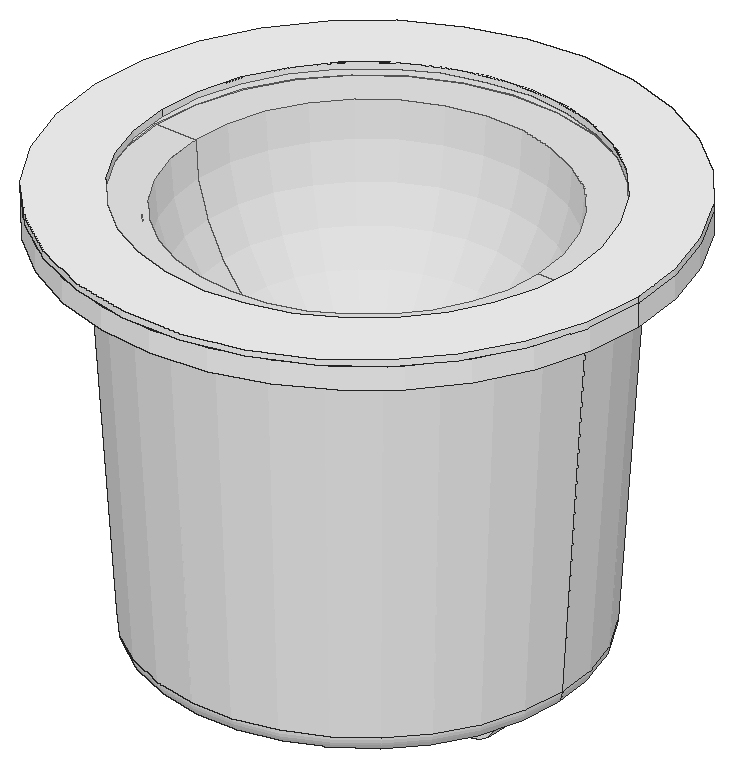
Revit family "2059244", category Lighting Fixtures, host Face, Revit 2018
Family settings
  Host = Face
  Round Connector Dimension = Use Diameter
  Part Type = Normal
  OmniClass Number = 23.80.70.11.17
  OmniClass Title = Specialized Lighting by Location or Use
  Cut with Voids When Loaded = No
  Light Source = Yes
  Shared = No
  Room Calculation Point = No
Parameters (values of type "2059244 MYRIAD DECO IP65 SP 3K DALI EM SI WBEZ")
  Weight = "n/a"
  Wattage = 15 W
  WarrantyStartDate [instance] = "n/a"
  WarrantyGuarantorParts = "n/a"
  WarrantyDurationUnit = "n/a"
  WarrantyDurationParts = ""
  WarrantyDescription = "http://www.sylvania-lighting.com"
  built-in parameter 1150110 = 1 (stored number, unit not read)
  Voltage = 230 V
  URL = "0"
  TypeName = "MYRIAD DECO IP65 SPOT 3000K DALI EM SILVER WBEZ"
  Type Image = 0
  Type Comments = ""
  built-in parameter 1114217 = 1 (stored number, unit not read)
  Tilt Angle = -90°
  built-in parameter 1150109 = 1 (stored number, unit not read)
  built-in parameter 1150134 = (empty or 0)
  built-in parameter 1150113 = 1 (stored number, unit not read)
  SerialNumber [instance] = "n/a"
  Reflector Radius = Cutout Diameter / 2 - 2.5 mm  # 35.0 mm
  Reflector Material = Aluminum_Sylvania_Myriad_Bright
  Recessed Depth = Height  # 72.0 mm
  PowerFactor = 0
  PowerConsumption = "Lighting"
  Photometric Web File = "2059244.ies"
  NominalWidth = 0.0 mm
  NominalLength = 76.0 mm
  NominalHeight = 72.0 mm
  Name = "MYRIAD DECO IP65 SPOT 3000K DALI EM SILVER WBEZ"
  ModelReference = "MYRIAD DECO IP65 SPOT 3000K DALI EM SILVER WBEZ"
  ModelNumber = "2059244"
  Material = "Feilo Sylvania"
  ManufacturerName = "92 lm/W"
  LuminousEfficacy = ""
  LuminaireType = "0"
  LightOutputRatio = "LED"
  LampsType = Lamp  # "n/a"
  LampNominalLuminous = "3000 K"
  LampMacAdamStep = "90"
  LampColourTemperature = "LED"
  LampColourRenderingIndex = "16500"
  Keynote = "n/a"
  Keynote_2 = "16500"
  InstallationDate [instance] = "n/a"
  InputVoltage = "0"
  InputNominalFrequency = "3000"
  IngressProtection = "IfcLightFixtureType"
  ImpactProtectionIndex = "IfcLightFixtureType"
  IfcExportType = "IfcLightFixtureType"
  IfcExportAs = "Class II"
  Height = 72.0 mm  # constant formula
  ExpectedLife = 50000
  Emit from Circle Diameter = Accessory Inner Diameter 2  # 68.0 mm
  Emit Shape Visible in Rendering = no
  ElectricShockClassification = "92"
  DurationUnit = "hours"
  DocumentationLiterature = "http://www.sylvania-lighting.com/product/en-int/products/2059244"
  DimmingControlOptions = "n/a"
  Diffuser Material = Glass_Sylvania_Myriad_Clear_4000K
  Diffuser Diameter = Cutout Diameter  # 75.0 mm
  Cutout Diameter = 75.0 mm  # constant formula
  CreatedOn = "03/02/2022"
  CreatedBy = "@sylvania-lighting.com"
  Cost = 0
  built-in parameter 1114216 [instance] = 1 (stored number, unit not read)
  Model = "MYRIAD DECO IP65 SPOT 3000K DALI EM SILVER WBEZ"
  Manufacturer = "Feilo Sylvania"  # constant formula
  built-in parameter 1150105 = 83.556 (stored number, unit not read)
  Lumens = 1050 lm
  built-in parameter 1150115 = 1 (stored number, unit not read)
  built-in parameter 1150137 = (empty or 0)
  built-in parameter 1150139 = (empty or 0)
  built-in parameter 1150112 = 1 (stored number, unit not read)
  built-in parameter 1150114 = 1 (stored number, unit not read)
  Lamp = "n/a"
  built-in parameter 1150132 = (empty or 0)
  built-in parameter 1150102 = (empty or 0)
  built-in parameter 1150107 = 2700 (stored number, unit not read)
  built-in parameter 1150138 = (empty or 0)
  built-in parameter 1150106 = 0.83556 (stored number, unit not read)
  built-in parameter 1150104 = 6.5032 (stored number, unit not read)
  Dimming Lamp Color Temperature Shift = <None>
  Description = "Supplied complete with electronic control gear Compact Fluorescent low energy downlight Emergency version passes through the cut out Ideal for low level orientation lighting New range of Architectural accessories each providing a different lit dimension New completely flush plaster up accessory ring for clean ceiling lines and smooth finish Order lamp separately"  # constant formula
  Default Elevation = 0.0 mm
  Color Filter = 16777215
  built-in parameter 1140040 [instance] = 1
  Body Radius = Reflector Radius + 1.5 mm  # 36.5 mm
  Body Material = Aluminum_Sylvania_Myriad_Gray
  BarCode [instance] = "n/a"
  built-in parameter 1114218 = 1 (stored number, unit not read)
  built-in parameter 1150133 = 10 (stored number, unit not read)
  AssetType = "Fixed"
  AssetIdentifier [instance] = "n/a"
  Assembly Code = "D5020200"
  Apparent Load = 12 VA
  Accessory Material = Aluminum_Sylvania_Myriad_White
  Accessory Inner Diameter 2 = Accessory Diameter - 22.0 mm  # 68.0 mm
  Accessory Inner Diameter 1 = Accessory Diameter - 2.0 mm  # 88.0 mm
  Accessory Diameter = Cutout Diameter + 15.0 mm  # 90.0 mm
Reference planes
  plane 1 "Center (Front/Back)": y = 0
  plane 2: z = 0
  plane 3 "Center (Left/Right)": x = 0
  plane 4: z = 2
  plane 5 "Fixture Bottom": z = 4.5
  plane 6: z = -28.5
  plane 7: z = -61.5
  plane 8 "Fixture Top": z = -67.5
  plane 9: z = 3.5
Forms (mm)
  Revolve 1, solid, material "Aluminum_Sylvania_Myriad_Bright" <- "Reflector Material", detail levels fine
    sketch origin (0, 0, 0) x (1, 0, 0) y (0, 0, 1)
      loop
        line (0, -27.515) -> (-6, -27.515)
        arc (-6, -27.515) -> (-22.333, -16.632) -> (-28.5, 2) r 30.135
        line (-28.5, 2) -> (-35, 2) -> (-35, 0) -> (-29.184, 0)
        arc (-29.184, 0) -> (-22.423, -18.18) -> (-6, -28.5) r 30.204
        line (-6, -28.5) -> (0, -28.5) -> (0, -27.515)
      axis (0, -28.5) -> (0, 2)
    angle from 0 to 360
  Revolve 2, solid, material "Aluminum_Sylvania_Myriad_Gray" <- "Body Material", detail levels fine
    sketch origin (0, 0, 0) x (1, 0, 0) y (0, 0, 1)
      loop
        line (-44, 2) -> (-44, 0) -> (-36.5, 0) -> (-32.42, -58.708)
        arc (-32.42, -58.708) -> (-31.474, -60.694) -> (-29.428, -61.5) r 3
        line (-29.428, -61.5) -> (0, -61.5) -> (0, -28.5) -> (-6, -28.5)
        arc (-6, -28.5) -> (-22.423, -18.18) -> (-29.184, 0) r 30.204
        line (-29.184, 0) -> (-35, 0) -> (-35, 2) -> (-44, 2)
      axis (0, 2) -> (0, -61.5)
    angle from 0 to 360
  Extrusion 3, solid, material "Aluminum_Sylvania_Myriad_Gray" <- "Body Material", detail levels fine
    sketch origin (0, 0, 0) x (1, 0, 0) y (0, 0, 1)
      loop
        line (-13.5, -67.5) -> (21, -67.5)
        arc (21, -67.5) -> (23.828, -66.328) -> (25, -63.5) r 4
        line (25, -63.5) -> (25, -61.5) -> (-17.5, -61.5) -> (-17.5, -63.5)
        arc (-17.5, -63.5) -> (-16.328, -66.328) -> (-13.5, -67.5) r 4
    from -4.5 to 4.5
  Extrusion 4, solid, material "Aluminum_Sylvania_Myriad_White" <- "Accessory Material", detail levels fine
    sketch origin (0, 0, 0) x (1, 0, 0) y (0, 1, 0)
      loop
        circle (0, 0) r 45
      loop
        circle (0, 0) r 44
    from 0 to 3.5
  Extrusion 5, solid, material "Aluminum_Sylvania_Myriad_White" <- "Accessory Material", detail levels fine
    sketch origin (0, 0, 0) x (1, 0, 0) y (0, 1, 0)
      loop
        circle (0, 0) r 45
      loop
        circle (0, 0) r 34
    from 3.5 to 4.5
  Extrusion 6, solid, material "Aluminum_Sylvania_Myriad_White" <- "Accessory Material", detail levels coarse+medium
    sketch origin (0, 0, 0) x (1, 0, 0) y (0, 1, 0)
      loop
        circle (0, 0) r 45
    from 0 to 4.5
  Revolve 7, solid, detail levels coarse+medium
    sketch origin (0, 0, 0) x (1, 0, 0) y (0, 0, 1)
      loop
        line (36.5, 0) -> (0, 0) -> (0, -61.5) -> (32.226, -61.5) -> (36.5, 0)
      axis (0, 0) -> (0, -61.5)
    angle from 0 to 360
  Extrusion 8, void
    sketch origin (0, 0, 0) x (1, 0, 0) y (0, 1, 0)
      loop
        circle (0, 0) r 37.5
    from -67.5 to 0
  Extrusion 9, solid, material "Glass_Sylvania_Myriad_Clear_4000K" <- "Diffuser Material", detail levels fine
    sketch origin (0, 0, 0) x (1, 0, 0) y (0, 1, 0)
      loop
        circle (0, 0) r 37.5
    from 2 to 3.5
Cuts and joins
  joined: Extrusion 4, Extrusion 5
Lines and regions (mm)
  Masking region 1
    outline origin (0, 0, 0) x (1, 0, 0) y (0, 1, 0)
      loop
        circle (0, 0) r 45
  symbolic lines
    curve 1: arc (-34, 0, 0) -> (0, 34, 0) -> (34, 0, 0) r 34
    curve 2: arc (34, 0, 0) -> (0, -34, 0) -> (-34, 0, 0) r 34
Dimensions and locks
  locked: plane 7 to plane 8 "Fixture Top" at 6
  "Body Radius": Revolve 7 sketch curve to plane 3 "Center (Left/Right)"
  locked: Revolve 7 sketch curve to Revolve 7 sketch curve at 4.274
  plane 5 "Fixture Bottom" to plane 9 to plane 4 to plane 2 to plane 6 = 1.0 mm locked, 1.5 mm locked, 2.0 mm locked, 28.5 mm locked
  "Reflector Radius": Revolve 1 sketch curve to plane 3 "Center (Left/Right)"
  Revolve 1 sketch curve to Revolve 1 sketch curve to Revolve 1 sketch curve to Revolve 1 sketch curve = 6.5 mm locked, 22.5 mm locked, 0.0 mm locked
  "Reflector Radius": plane 3 "Center (Left/Right)" to Revolve 2 sketch curve
  Revolve 2 sketch curve to Revolve 2 sketch curve to Revolve 2 sketch curve = 7.5 mm locked, 1.5 mm locked
  Revolve 2 sketch curve to Revolve 2 sketch curve to Revolve 2 sketch curve = 5.816 mm locked, 23.184 mm locked
  Revolve 2 sketch curve to Revolve 2 sketch curve to Revolve 2 sketch curve = 2.58 mm locked, 2.993 mm locked
  "Accessory Diameter": diameter of Extrusion 4 sketch curve
  "Accessory Inner Diameter 1": diameter of Extrusion 4 sketch curve
  "Accessory Diameter": diameter of Extrusion 5 sketch curve
  "Accessory Diameter": diameter of Extrusion 6 sketch curve
  "Cutout Diameter": diameter of Extrusion 8 sketch curve
  "Accessory Inner Diameter 2": diameter of Extrusion 5 sketch curve
  "Diffuser Diameter": diameter of Extrusion 9 sketch curve
  aligned and locked: plane 2 to host face
  aligned and locked: level to host face
  aligned and locked: plane 1 "Center (Front/Back)" to imposter light
  aligned and locked: plane 3 "Center (Left/Right)" to imposter light
  aligned and locked: Revolve 1 sketch curve to imposter light
  aligned and locked: Extrusion 3 sketch curve to plane 8 "Fixture Top"
  aligned and locked: plane 7 to Extrusion 3 sketch curve
  aligned and locked: Extrusion 4 to plane 2
  aligned and locked: plane 9 to Extrusion 4
  aligned and locked: Extrusion 5 to plane 9
  aligned and locked: plane 5 "Fixture Bottom" to Extrusion 5
  aligned and locked: Extrusion 6 to plane 2
  aligned and locked: plane 5 "Fixture Bottom" to Extrusion 6
  aligned and locked: Extrusion 8 to plane 8 "Fixture Top"
  aligned and locked: plane 2 to Extrusion 8
  aligned and locked: Masking region 1 sketch curve to Extrusion 6  (x2)
  aligned and locked: Extrusion 9 to plane 4
  aligned and locked: plane 9 to Extrusion 9
  aligned and locked: plane 4 to Revolve 2 sketch curve
  aligned and locked: Revolve 2 sketch curve to plane 2
  aligned and locked: curve 1 to cut or joined group of Extrusion 4, Extrusion 5
  aligned and locked: curve 2 to cut or joined group of Extrusion 4, Extrusion 5
  aligned and locked: imposter light to plane 5 "Fixture Bottom"
Automatic sketch dimensions
  host sketch curve to host sketch curve = 1305.563 mm
  host sketch curve to host sketch curve = 1283.632 mm
  Extrusion 3 sketch curve to plane 7 = 2.0 mm
  Extrusion 3 sketch curve to plane 3 "Center (Left/Right)" = 13.5 mm
  plane 3 "Center (Left/Right)" to Extrusion 3 sketch curve = 21.0 mm
  Extrusion 3 sketch curve to Extrusion 3 sketch curve = 4.0 mm
  Revolve 1 sketch curve to level = 0.0 mm
  Revolve 1 sketch curve to plane 3 "Center (Left/Right)" = 0.0 mm
  Revolve 1 sketch curve to plane 6 = 0.0 mm
  Revolve 1 sketch curve to plane 4 = 0.0 mm
  Revolve 1 sketch curve to Revolve 1 sketch curve = 0.684 mm
  level to Revolve 1 sketch curve = 0.88 mm
  Revolve 1 sketch curve to plane 4 = 0.363 mm
  Revolve 1 sketch curve to Revolve 1 sketch curve = 0.625 mm
  Revolve 1 sketch curve to plane 8 "Fixture Top" = 232.8 mm
  plane 5 "Fixture Bottom" to Revolve 1 sketch curve = 291.243 mm
  Revolve 2 sketch curve to plane 3 "Center (Left/Right)" = 0.0 mm  (x2)
  Revolve 2 sketch curve to plane 7 = 0.0 mm
  Revolve 2 sketch curve to plane 6 = 0.0 mm
  Revolve 2 sketch curve to level = 0.0 mm
  level to Revolve 2 sketch curve = 0.88 mm
  plane 7 to Revolve 2 sketch curve = 2.792 mm
  Revolve 2 sketch curve to plane 8 "Fixture Top" = 304.774 mm
  plane 5 "Fixture Bottom" to Revolve 2 sketch curve = 1137.105 mm
  Extrusion 4 sketch curve to Extrusion 4 sketch curve = 0.0 mm  (x2)
  plane 1 "Center (Front/Back)" to Extrusion 4 sketch curve = 0.0 mm
  Extrusion 4 sketch curve to plane 3 "Center (Left/Right)" = 0.0 mm
  Extrusion 5 sketch curve to Extrusion 5 sketch curve = 0.0 mm  (x2)
  plane 1 "Center (Front/Back)" to Extrusion 5 sketch curve = 0.0 mm
  Extrusion 5 sketch curve to plane 3 "Center (Left/Right)" = 0.0 mm
  plane 1 "Center (Front/Back)" to Extrusion 6 sketch curve = 0.0 mm
  Extrusion 6 sketch curve to plane 3 "Center (Left/Right)" = 0.0 mm
  Revolve 7 sketch curve to level = 0.0 mm
  Revolve 7 sketch curve to plane 3 "Center (Left/Right)" = 0.0 mm  (x2)
  Revolve 7 sketch curve to plane 7 = 0.0 mm
  Revolve 7 sketch curve to plane 8 "Fixture Top" = 304.774 mm
  plane 5 "Fixture Bottom" to Revolve 7 sketch curve = 43.226 mm
  plane 1 "Center (Front/Back)" to Extrusion 8 sketch curve = 0.0 mm
  Extrusion 8 sketch curve to plane 3 "Center (Left/Right)" = 0.0 mm
  plane 1 "Center (Front/Back)" to Extrusion 9 sketch curve = 0.0 mm
  Extrusion 9 sketch curve to plane 3 "Center (Left/Right)" = 0.0 mm
Connectors
  electrical at (-0.006, -0.019, -67.5), driven by "Apparent Load", driven by "Apparent Load"
    settings: on plane 8 "Fixture Top", index 1, voltage 230 V, apparent load 12 VA, apparent load phase1 12 VA, apparent load phase2 0 VA, apparent load phase3 0 VA, power factor 1, load classification "Lighting", number of poles 1, system type 30, power factor state 1, is connector primary yes, connector utility no, sub classification motor no, connector description ""
